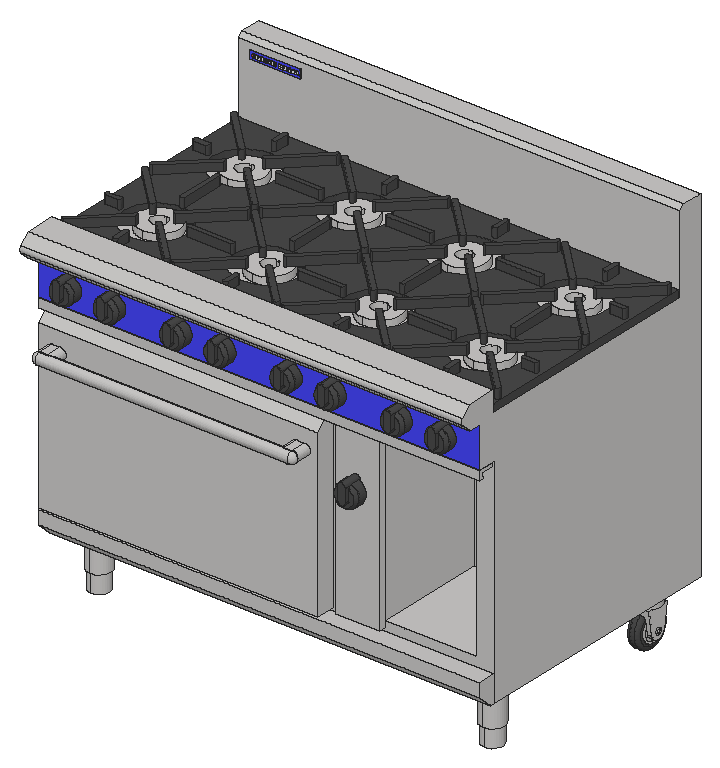
Revit family "QF_MOFFAT_BLUESEAL_CE_G58D", category Specialty Equipment, Revit 2012 (continued)
Connectors
  piping at (1070, -32, 655)
    settings: on Extrusion 6, index 4, connector radius 0.37402", flow factor 0, pipe flow 0 GPM, pressure drop 0.00 psi, fitting loss kfactor 0, connector angle 0.00°, fixture units 0, engagement length 0 mm, flow configuration 1, flow direction 1, fitting loss method 0, system type 7, joint type 0, gender type 0, connector reference index -1, connector utility 0, adjustable connector no, is connector primary yes, fitting loss table "", connector description "GAS CONNECTION"
  electrical at (826, -501, 148.072), driven by "Volts", driven by "Watts"
    settings: on Extrusion 33, index 5, voltage 230 V, apparent load 130 VA, apparent load phase1 0 VA, apparent load phase2 0 VA, apparent load phase3 0 VA, power factor 1, load classification "Other", number of poles 1, system type 30, power factor state 1, is connector primary yes, connector utility no, sub classification motor no, connector description "ELECTRICAL CONNECTION"
Definition of nested family "WALDORF LOGO_FACE BASE"
  Parameters (values of type "WALDORF LOGO_FACE BASE")
    Show Logo [instance] = yes
    Default Elevation = 1219.2 mm
  Reference planes
    plane 1 "Center (Front/Back)": y = 0
    plane 2: z = 0
    plane 3 "Center (Left/Right)": x = 0
  Forms (mm)
    Extrusion 1, solid
      sketch origin (0, 0, 0) x (1, 0, 0) y (0, 1, 0)
        loop
          line (-1219.2, 1219.2) -> (-1219.2, -1219.2) -> (1219.2, -1219.2) -> (1219.2, 1219.2) -> (-1219.2, 1219.2)
      from 0 to -304.8
    Extrusion 2, solid, material "QF_Finishes_Blue", visible <- "Show Logo"
      sketch origin (0, -33.217, 0) x (1, 0, 0) y (0, 1, 0)
        loop
          arc (138, 31.942) -> (137.626, 32.844) -> (136.724, 33.217) r 1.276
          line (136.724, 33.217) -> (1.29, 33.217)
          arc (1.29, 33.217) -> (0.378, 32.839) -> (0, 31.927) r 1.29
          line (0, 31.927) -> (0, 11.507)
          arc (0, 11.507) -> (0.378, 10.595) -> (1.29, 10.217) r 1.29
          line (1.29, 10.217) -> (136.71, 10.217)
          arc (136.71, 10.217) -> (137.622, 10.595) -> (138, 11.507) r 1.29
          line (138, 11.507) -> (138, 31.942)
      from 0 to 1.588
    Extrusion 3, solid, material "QF_Finishes_White", visible <- "Show Logo"
      sketch origin (0, -33.217, 1.588) x (1, 0, 0) y (0, 1, 0)
        loop
          arc (108.946, 25.919) -> (107.613, 25.367) -> (107.061, 24.034) r 1.885
          line (107.061, 24.034) -> (107.061, 17.211) -> (112.704, 17.211) -> (112.704, 19.129) -> (115.546, 19.129) -> (115.546, 17.211) -> (121.584, 17.211) -> (121.584, 24.075)
          arc (121.584, 24.075) -> (121.043, 25.379) -> (119.739, 25.919) r 1.845
          line (119.739, 25.919) -> (108.946, 25.919)
        loop
          line (123.478, 25.919) -> (123.478, 17.163) -> (134.904, 17.163) -> (134.904, 19.129) -> (129.246, 19.129) -> (129.246, 25.919) -> (123.478, 25.919)
        loop
          line (112.704, 21.258) -> (115.546, 21.258) -> (115.546, 22.702)
          arc (115.546, 22.702) -> (115.344, 23.188) -> (114.858, 23.389) r 0.687
          line (114.858, 23.389) -> (113.363, 23.389)
          arc (113.363, 23.389) -> (112.897, 23.196) -> (112.704, 22.73) r 0.658
          line (112.704, 22.73) -> (112.704, 21.258)
        loop
          line (105.071, 25.919) -> (93.771, 25.919) -> (93.771, 17.163) -> (105.071, 17.163) -> (105.071, 19.063) -> (99.535, 19.063) -> (99.535, 20.437) -> (105.071, 20.437) -> (105.071, 22.278) -> (99.535, 22.278) -> (99.535, 23.587) -> (105.071, 23.587) -> (105.071, 25.919)
        loop
          line (91.104, 25.919) -> (79.541, 25.919)
          arc (79.541, 25.919) -> (78.558, 25.513) -> (78.152, 24.53) r 1.389
          line (78.152, 24.53) -> (78.152, 22.08)
          arc (78.152, 22.08) -> (78.558, 21.098) -> (79.541, 20.691) r 1.389
          line (79.541, 20.691) -> (86.346, 20.691) -> (86.346, 18.864) -> (83.266, 18.864) -> (83.266, 19.664) -> (78.152, 19.664) -> (78.152, 18.553)
          arc (78.152, 18.553) -> (78.558, 17.57) -> (79.541, 17.163) r 1.389
          line (79.541, 17.163) -> (91.063, 17.163)
          arc (91.063, 17.163) -> (92.045, 17.57) -> (92.452, 18.553) r 1.389
          line (92.452, 18.553) -> (92.452, 20.691)
          arc (92.452, 20.691) -> (92.045, 21.673) -> (91.063, 22.08) r 1.389
          line (91.063, 22.08) -> (83.266, 22.08) -> (83.266, 23.984) -> (86.346, 23.984) -> (86.346, 22.743) -> (92.452, 22.743) -> (92.452, 24.571)
          arc (92.452, 24.571) -> (92.057, 25.524) -> (91.104, 25.919) r 1.348
        loop
          line (70.705, 25.919) -> (59.405, 25.919) -> (59.405, 17.163) -> (70.705, 17.163) -> (70.705, 19.063) -> (65.169, 19.063) -> (65.169, 20.437) -> (70.705, 20.437) -> (70.705, 22.278) -> (65.169, 22.278) -> (65.169, 23.587) -> (70.705, 23.587) -> (70.705, 25.919)
        loop
          line (57.598, 25.919) -> (51.7, 25.919) -> (51.7, 20.18)
          arc (51.7, 20.18) -> (50.63, 19.11) -> (49.56, 20.18) r 1.07
          line (49.56, 20.18) -> (49.56, 25.919) -> (43.663, 25.919) -> (43.663, 19.049)
          arc (43.663, 19.049) -> (44.215, 17.716) -> (45.548, 17.163) r 1.885
          line (45.548, 17.163) -> (55.71, 17.163)
          arc (55.71, 17.163) -> (57.045, 17.716) -> (57.598, 19.051) r 1.887
          line (57.598, 19.051) -> (57.598, 25.919)
        loop
          line (31.62, 25.919) -> (31.62, 17.163) -> (43.046, 17.163) -> (43.046, 19.129) -> (37.388, 19.129) -> (37.388, 25.919) -> (31.62, 25.919)
        loop
          line (15.969, 25.919) -> (15.969, 17.163) -> (28.693, 17.163)
          arc (28.693, 17.163) -> (29.812, 17.627) -> (30.276, 18.746) r 1.582
          line (30.276, 18.746) -> (30.276, 20.447) -> (29.48, 21.243) -> (30.276, 22.039) -> (30.276, 24.332)
          arc (30.276, 24.332) -> (29.811, 25.454) -> (28.688, 25.919) r 1.587
          line (28.688, 25.919) -> (15.969, 25.919)
        loop
          line (21.449, 24.159) -> (21.449, 22.436) -> (23.862, 22.436)
          arc (23.862, 22.436) -> (24.723, 23.298) -> (23.862, 24.159) r 0.861
          line (23.862, 24.159) -> (21.449, 24.159)
        loop
          line (21.449, 20.244) -> (21.449, 18.522) -> (23.862, 18.522)
          arc (23.862, 18.522) -> (24.723, 19.383) -> (23.862, 20.244) r 0.861
          line (23.862, 20.244) -> (21.449, 20.244)
      from 0 to 0.2
    Extrusion 4, solid, material "QF_Finishes_Blue", visible <- "Show Logo"
      sketch origin (-126.498, -31.09, 1.588) x (1, 0, 0) y (0, 1, 0)
        loop
          line (136.738, 23.522) -> (136.738, 15.1)
          arc (136.738, 15.1) -> (140.756, 19.311) -> (136.738, 23.522) r 4.216
      from 0 to 0.2
    Extrusion 5, solid, material "QF_Finishes_Red", visible <- "Show Logo"
      sketch origin (146.849, -31.09, 1.588) x (-1, 0, 0) y (0, -1, 0)
        loop
          arc (136.738, -23.522) -> (140.756, -19.311) -> (136.738, -15.1) r 4.216
          line (136.738, -15.1) -> (136.738, -23.522)
      from 0 to 0.2
  Lines and regions (mm)
    Split face 1
      outline origin (-90.35, -30.793, 1.588) x (1, 0, 0) y (0, 1, 0)
        loop
          circle (100.54, 19.013) r 4.536
  Dimensions and locks
    aligned and locked: plane 2 to Extrusion 1
    aligned and locked: level to Extrusion 1
